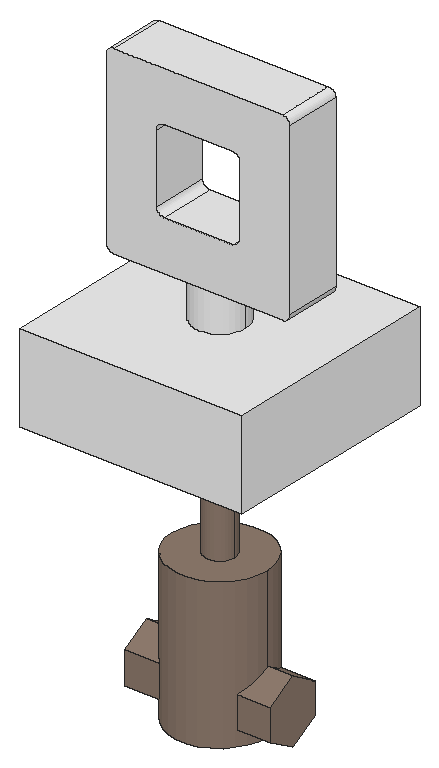
Revit family "4900.C.DOT.PQ444", category Plumbing Fixtures, host Face, Revit 2012
Parameters (values of type "4509.102.CPVC_Cromado CR10/Branco BR16_Base Fácil CPVC 15mm")
  Vendido Separadamente = ""
  Variações de COR = "Cromado 1/2, 3/4 e 1 (4900.C.DOT.PQ); Cromado/Branco 1/2, 3/4 e 1 (4900.C.DOT.BR.PQ). Base Fácil PVC 20mm (4509.102.PVC); Base Fácil PVC 25mm (4509.202.PVC); Base Fácil PPR 20mm (4509.102.PPR); Base Fácil PPR 25mm (4509.202.PPR); Base Fácil CPVC 15mm (4509.102.CPVC); Base Fácil CPVC 22mm (4509.202.CPVC); Base Fácil CPVC 28mm (4509.302.CPVC)"  # constant formula
  URL = "www.deca.com.br/produtos"
  Symbol [instance] = no
  Segmento = "Luxo"  # constant formula
  Raio Ponto de Agua = 7.5 mm
  Produto = "Acabamento para registro de gaveta Dot"  # constant formula
  Pressão = "2 A 40 mca"  # constant formula
  Peso Liquido (Kg) = 0.6
  Norma = "ABNT NBR 10283: 2003"  # constant formula
  Model = Código  # "4900.C.DOT.PQ"
  Material = "Deca_Latão Cromado e Plástico de Engenharia"  # constant formula
  Manufacturer = "Deca"  # constant formula
  Louça/Metais = "Metal"  # constant formula
  Linha = "Dot"  # constant formula
  Informações Complementares = ""
  Flow Pressure = 0.00 psi
  Diâmetro Ponto de Agua = Raio Ponto de Agua * 2  # 15 mm
  Description = "Acabamento para registro de gaveta"  # constant formula
  Default Elevation = 0 mm
  Código = "4900.C.DOT.PQ"  # constant formula
  Criado por = "Contino/quattroD"  # constant formula
  Consumo = "Varia com a pressão"  # constant formula
  CWFU = 0
  Base de Registro de Gaveta - Family = Deca_Shared_Base de Registro de Gaveta_4900.C.DOT.PQ : 4509.102 - DN 15 (1/2")
  Base Registro de Gaveta [instance] = yes
  Atendimento ao Cliente = "0800-0117073"  # constant formula
  Assembly Code = "D2020"
  Aprovado por = "Contino/quattroD"  # constant formula
  Acompanha o Produto = ""
  Acessório = Deca BR16  Branco Metal
  Acabamento de Registro [instance] = yes
  Acabamento = Deca CR10 Cromado Metal
Types (21, lengths in mm): name | Raio Ponto de Agua | Diâmetro Ponto de Agua | Base de Registro de Gaveta - Family | Acessório
  (no name) | 7.5 | 15 | Deca_Shared_Base de Registro de Gaveta_4900.C.DOT.PQ : 4509.102 - DN 15 (1/2") | Deca BR16  Branco Metal
  4900.C.DOT.PQ_Cromado CR10_1/2" | 7.5 | 15 | Deca_Shared_Base de Registro de Gaveta_4900.C.DOT.PQ : 4509.102 - DN 15 (1/2") | Deca CR10 Cromado Metal
  4900.C.DOT.PQ_Cromado CR10_3/4" | 10 | 20 | Deca_Shared_Base de Registro de Gaveta_4900.C.DOT.PQ : 4509.202 - DN 20 (3/4") | Deca CR10 Cromado Metal
  4900.C.DOT.PQ_Cromado CR10_1" | 12.5 | 25 | Deca_Shared_Base de Registro de Gaveta_4900.C.DOT.PQ : 4509.302 - DN 25 (1") | Deca CR10 Cromado Metal
  4900.C.DOT.BR.PQ_Cromado CR10/Branco BR16_1" | 12.5 | 25 | Deca_Shared_Base de Registro de Gaveta_4900.C.DOT.PQ : 4509.302 - DN 25 (1") | Deca BR16  Branco Metal
  4900.C.DOT.BR.PQ_Cromado CR10/Branco BR16_1/2" | 7.5 | 15 | Deca_Shared_Base de Registro de Gaveta_4900.C.DOT.PQ : 4509.102 - DN 15 (1/2") | Deca BR16  Branco Metal
  4900.C.DOT.BR.PQ_Cromado CR10/Branco BR16_3/4" | 10 | 20 | Deca_Shared_Base de Registro de Gaveta_4900.C.DOT.PQ : 4509.202 - DN 20 (3/4") | Deca BR16  Branco Metal
  4509.302.CPVC_Cromado CR10/Branco BR16_Base Fácil CPVC 28mm | 12.5 | 25 | Deca_Shared_Base de Registro de Gaveta_4900.C.DOT.PQ : 4509.302 - DN 25 (1") | Deca BR16  Branco Metal
  4509.202.PPR_Cromado CR10/Branco BR16_Base Fácil PPR 25mm | 12.5 | 25 | Deca_Shared_Base de Registro de Gaveta_4900.C.DOT.PQ : 4509.302 - DN 25 (1") | Deca BR16  Branco Metal
  4509.202.CPVC_Cromado CR10/Branco BR16_Base Fácil CPVC 22mm | 10 | 20 | Deca_Shared_Base de Registro de Gaveta_4900.C.DOT.PQ : 4509.202 - DN 20 (3/4") | Deca BR16  Branco Metal
  4509.102.CPVC_Cromado CR10/Branco BR16_Base Fácil CPVC 15mm | 7.5 | 15 | Deca_Shared_Base de Registro de Gaveta_4900.C.DOT.PQ : 4509.102 - DN 15 (1/2") | Deca BR16  Branco Metal
  4509.102.PPR_Cromado CR10/Branco BR16_Base Fácil PPR 20mm | 10 | 20 | Deca_Shared_Base de Registro de Gaveta_4900.C.DOT.PQ : 4509.202 - DN 20 (3/4") | Deca BR16  Branco Metal
  4509.202.PVC_Cromado CR10/Branco BR16_Base Fácil PVC 25mm | 12.5 | 25 | Deca_Shared_Base de Registro de Gaveta_4900.C.DOT.PQ : 4509.302 - DN 25 (1") | Deca BR16  Branco Metal
  4509.102.PVC_Cromado CR10/Branco BR16_Base Fácil PVC 20mm | 10 | 20 | Deca_Shared_Base de Registro de Gaveta_4900.C.DOT.PQ : 4509.202 - DN 20 (3/4") | Deca BR16  Branco Metal
  4509.302.CPVC_Cromado CR10_Base Fácil CPVC 28mm | 12.5 | 25 | Deca_Shared_Base de Registro de Gaveta_4900.C.DOT.PQ : 4509.302 - DN 25 (1") | Deca CR10 Cromado Metal
  4509.202.CPVC_Cromado CR10_Base Fácil CPVC 22mm | 10 | 20 | Deca_Shared_Base de Registro de Gaveta_4900.C.DOT.PQ : 4509.202 - DN 20 (3/4") | Deca CR10 Cromado Metal
  4509.102.CPVC_Cromado CR10_Base Fácil CPVC 15mm | 7.5 | 15 | Deca_Shared_Base de Registro de Gaveta_4900.C.DOT.PQ : 4509.102 - DN 15 (1/2") | Deca CR10 Cromado Metal
  4509.202.PPR_Cromado CR10_Base Fácil PPR 25mm | 12.5 | 25 | Deca_Shared_Base de Registro de Gaveta_4900.C.DOT.PQ : 4509.302 - DN 25 (1") | Deca CR10 Cromado Metal
  4509.102.PPR_Cromado CR10_Base Fácil PPR 20mm | 10 | 20 | Deca_Shared_Base de Registro de Gaveta_4900.C.DOT.PQ : 4509.202 - DN 20 (3/4") | Deca CR10 Cromado Metal
  4509.202.PVC_Cromado CR10_Base Fácil PVC 25mm | 12.5 | 25 | Deca_Shared_Base de Registro de Gaveta_4900.C.DOT.PQ : 4509.302 - DN 25 (1") | Deca CR10 Cromado Metal
  4509.102.PVC_Cromado CR10_Base Fácil PVC 20mm | 10 | 20 | Deca_Shared_Base de Registro de Gaveta_4900.C.DOT.PQ : 4509.202 - DN 20 (3/4") | Deca CR10 Cromado Metal
Reference planes
  plane 1 "Center (Front/Back)": y = 0
  plane 2: z = 0
  plane 3 "Center (Left/Right)": x = 0
  plane 4 "Left 1": x = -30.209
  plane 5 "Right 1": x = 30.209
  plane 6 "Back 1": y = 30.209
  plane 7 "Front 1": y = -30.209
  plane 8 "Top 1": z = 24
  plane 9 "Top 2": z = 85.164
Forms (mm)
  Extrusion 1, solid, material "Deca CR10 Cromado Metal" <- "Acabamento"
    sketch origin (0, 0, 0) x (1, 0, 0) y (0, 1, 0)
      loop
        line (-30.209, 30.209) -> (-30.209, -30.209) -> (30.209, -30.209) -> (30.209, 30.209) -> (-30.209, 30.209)
    from 0 to 24
  Extrusion 2, solid, material "Deca BR16  Branco Metal" <- "Acessório"
    sketch origin (0, 0, -22.5) x (1, 0, 0) y (0, 0, 1)
      loop
        arc (-22.668, 107.664) -> (-24.082, 107.046) -> (-24.668, 105.632) r 2
        line (-24.668, 105.632) -> (-24.668, 59.632)
        arc (-24.668, 59.632) -> (-24.082, 58.218) -> (-22.668, 57.595) r 2
        line (-22.668, 57.595) -> (23.332, 57.632)
        arc (23.332, 57.632) -> (24.746, 58.218) -> (25.332, 59.632) r 2
        line (25.332, 59.632) -> (25.332, 105.632)
        arc (25.332, 105.632) -> (24.746, 107.046) -> (23.332, 107.664) r 2
        line (23.332, 107.664) -> (-22.668, 107.664)
      loop
        arc (-9.033, 93.997) -> (-10.447, 93.411) -> (-11.033, 91.997) r 2
        line (-11.033, 91.997) -> (-11.033, 73.267)
        arc (-11.033, 73.267) -> (-10.447, 71.853) -> (-9.033, 71.268) r 2
        line (-9.033, 71.268) -> (9.697, 71.268)
        arc (9.697, 71.268) -> (11.111, 71.853) -> (11.697, 73.267) r 2
        line (11.697, 73.267) -> (11.697, 91.997)
        arc (11.697, 91.997) -> (11.111, 93.411) -> (9.697, 93.997) r 2
        line (9.697, 93.997) -> (-9.033, 93.997)
    from -7.75 to 7.75
  Extrusion 3, solid, material "Deca CR10 Cromado Metal" <- "Acabamento"
    sketch origin (0, 0, 0) x (1, 0, 0) y (0, 1, 0)
      loop
        circle (0, 0) r 6.981
    from 24 to 35.095
Lines and regions (mm)
  Masking region 1
    outline origin (0, 0, 0) x (0, 1, 0) y (0, 0, 1)
      loop
        line (7.75, 37.132) -> (7.75, 85.164) -> (-7.75, 85.164) -> (-7.75, 37.132) -> (-7.75, 35.132) -> (-6.749, 35.132) -> (-6.749, 24) -> (-29.586, 24)
        arc (-29.586, 24) -> (-29.938, 23.855) -> (-30.086, 23.504) r 0.5
        line (-30.086, 23.504) -> (-30.291, 0) -> (30.279, 0) -> (30.073, 23.504)
        arc (30.073, 23.504) -> (29.925, 23.855) -> (29.573, 24) r 0.5
        line (29.573, 24) -> (6.749, 24) -> (6.749, 35.132) -> (7.75, 35.132) -> (7.75, 37.132)
  Masking region 2
    outline origin (0, 0, 0) x (1, 0, 0) y (0, 1, 0)
      loop
        line (-30.209, 30.209) -> (-30.209, -30.209) -> (30.209, -30.209) -> (30.209, 30.209) -> (-30.209, 30.209)
  Masking region 3
    outline origin (0, 0, 0) x (1, 0, 0) y (0, 0, 1)
      loop
        arc (-24.668, 37.422) -> (-24.082, 36.008) -> (-22.668, 35.422) r 2
        line (-22.668, 35.422) -> (-6.668, 35.422) -> (-6.668, 24) -> (-29.668, 24) -> (-29.877, 0) -> (30.542, 0) -> (30.332, 24) -> (7.332, 24) -> (7.332, 35.422) -> (23.332, 35.422)
        arc (23.332, 35.422) -> (24.746, 36.008) -> (25.332, 37.422) r 2
        line (25.332, 37.422) -> (25.332, 83.422)
        arc (25.332, 83.422) -> (24.746, 84.836) -> (23.332, 85.422) r 2
        line (23.332, 85.422) -> (-22.668, 85.422)
        arc (-22.668, 85.422) -> (-24.082, 84.836) -> (-24.668, 83.422) r 2
        line (-24.668, 83.422) -> (-24.668, 37.422)
      loop
        arc (-11.033, 69.943) -> (-10.543, 71.254) -> (-9.314, 71.923) r 2
        line (-9.314, 71.923) -> (9.697, 71.787)
        arc (9.697, 71.787) -> (11.111, 71.201) -> (11.697, 69.787) r 2
        line (11.697, 69.787) -> (11.697, 51.057)
        arc (11.697, 51.057) -> (11.111, 49.643) -> (9.697, 49.057) r 2
        line (9.697, 49.057) -> (-9.033, 49.057)
        arc (-9.033, 49.057) -> (-10.447, 49.643) -> (-11.033, 51.057) r 2
        line (-11.033, 51.057) -> (-11.033, 69.787)
  symbolic lines
    curve 1: line (-25, 7.75, 0) -> (25, 7.75, 0)
    curve 2: line (-25, -7.75, 0) -> (-25, 7.75, 0)
    curve 3: line (25, -7.75, 0) -> (-25, -7.75, 0)
    curve 4: line (25, 7.75, 0) -> (25, -7.75, 0)
    curve 5: line (-6.668, 0, 24) -> (7.332, 0, 24)
    curve 6: line (7.332, 0, 35.422) -> (-6.668, 0, 35.422)
    curve 7: line (0, 6.749, 24) -> (0, -6.749, 24)
    curve 8: line (0, -6.749, 35.132) -> (0, 6.749, 35.132)
Dimensions and locks
  plane 8 "Top 1" to host face = 24 mm
  host face to plane 8 "Top 1" = 24 mm
  plane 4 "Left 1" to plane 5 "Right 1" = 60.419 mm  (x2)
  plane 7 "Front 1" to plane 6 "Back 1" = 60.419 mm  (x2)
  plane 9 "Top 2" to plane 8 "Top 1" = 61.164 mm  (x2)
  plane 9 "Top 2" to plane 2 = 85.164 mm  (x2)
  aligned and locked: host face to plane 2
  aligned and locked: level to host face
Nested families
  nested 1: "Deca_Shared_Base de Registro de Gaveta_4900.C.DOT.PQ" at (-0.3, 0, -65), type <- "Base de Registro de Gaveta - Family", type "4509.102 - DN 15 (1/2")"
    with built-in parameter 1114242 1, Symbol yes
Connectors
  piping at (20, 0, -65), driven by "Raio Ponto de Agua", driven by "Flow Pressure"
    settings: on nested 1, index 1, connector radius 0.29528", flow factor 0, pipe flow 0 GPM, pressure drop 0.00 psi, fitting loss kfactor 0, connector angle 0.00°, fixture units 0, engagement length 0 mm, flow configuration 3, flow direction 0, fitting loss method 4, system type 29, joint type 0, gender type 0, connector reference index -1, connector utility 0, adjustable connector no, is connector primary yes, fitting loss table "", connector description ""
  piping at (-20, 0, -65), driven by "Raio Ponto de Agua", driven by "Flow Pressure"
    settings: on nested 1, index 2, connector radius 0.29528", flow factor 0, pipe flow 0 GPM, pressure drop 0.00 psi, fitting loss kfactor 0, connector angle 0.00°, fixture units 0, engagement length 0 mm, flow configuration 3, flow direction 0, fitting loss method 4, system type 29, joint type 0, gender type 0, connector reference index -1, connector utility 0, adjustable connector no, is connector primary no, fitting loss table "", connector description ""
Definition of nested family "Deca_Shared_Base de Registro de Gaveta_4900.C.DOT.PQ"
  Parameters (values of type "4509.102 - DN 15 (1/2")")
    Vendido Separadamente = "Não Aplicável"  # constant formula
    Variações de COR = "1/2'' a 1''1/4"  # constant formula
    built-in parameter 1114242 [instance] = 1
    Topo = Deca BR13 Bronze Bruto Metal
    Segmento = "Básicos"  # constant formula
    Symbol [instance] = yes
    Raio Ponto de Agua = 6.4 mm
    Radius Side = DN / 2  # 7.5 mm
    Produto = "Base de registro de gaveta 1/2\""
    Peso Liquido (Kg) = 0.294
    Norma = "NBR 15705"  # constant formula
    Mín = 32 mm
    Max = 42 mm
    Material = "Bronze Fundido e Plásticos de Engenharia"  # constant formula
    Louça/Metais = "Metais"  # constant formula
    Linha = "-"  # constant formula
    K Coefficient = 0
    Informações Complementares = "Alta durabilidade e resistência; Passagem plena."  # constant formula
    Flow Pressure = 0.00 psi
    Fabricante = "Deca"  # constant formula
    Diâmetro Ponto de Agua = Raio Ponto de Agua * 2  # 12.8 mm
    Descrição = "Base de registro de gaveta"  # constant formula
    DN = 15 mm
    Código = "4509.102"
    Criador por = "Contino/quattroD"  # constant formula
    Corpo = Deca BR13 Bronze Bruto Metal
    URL = "www.deca.com.br"
    Model = Código  # "4509.102"
    Manufacturer = Fabricante  # "Deca"
    Description = Descrição  # "Base de registro de gaveta"
    B = 96 mm
    Atendimento ao Cliente = "0800-0117073"  # constant formula
    Assembly Code = ""
    Aprovado por = "Contino/quattroD"  # constant formula
    Acompanha o Produto = "Não Aplicável"  # constant formula
    A = 40 mm
  Types (5, lengths in mm): name | Raio Ponto de Agua | Radius Side | Produto | Peso Liquido (Kg) | Mín | Max | Diâmetro Ponto de Agua | DN | Código | Model | B | A
    4509.102 - DN 15 (1/2") | 6.4 | 7.5 | "Base de registro de gaveta 1/2\"" | 0.294 | 32 | 42 | 12.8 | 15 | "4509.102" | "4509.102" | 96 | 40
    4509.202 - DN 20 (3/4") | 9.5 | 10 | "Base de registro de gaveta 3/4\"" | 0.408 | 36 | 46 | 19 | 20 | "4509.202" | "4509.202" | 100 | 52
    4509.302 - DN 25 (1") | 12.3 | 12.5 | "Base de registro de gaveta 1\"" | 0.53 | 49 | 59 | 24.6 | 25 | "4509.302" | "4509.302" | 114 | 52
    4509.502 - DN 40 (1 1/2") | 19.1 | 20 | "Base de registro de gaveta 1.1/2\"" | 0.833 | 62 | 52 | 38.2 | 40 | "4509.502" | "4509.502" | 139 | 60
    4509.402 - DN 32 (1 1/4") | 15.9 | 16 | "Base de registro de gaveta 1.1/4\"" | 0.834 | 48 | 58 | 31.8 | 32 | "4509.402" | "4509.402" | 135 | 60
  Reference planes
    plane 1 "Center (Front/Back)": y = 0
    plane 2: z = 0
    plane 3 "Center (Left/Right)": x = 0.3
    plane 4 "Left 2": x = -19.7
    plane 5: through (11.528, 0, 0) normal (0, 0.5, -0.866)
    plane 6: through (11.528, 30.068, 26.02) normal (0, -0.5, 0.866)
    plane 7: through (11.528, 0, 0) normal (0, 0.5, 0.866)
    plane 8: through (11.528, 13.865, 0.655) normal (0, 0.5, 0.866)
    plane 9: through (11.528, 0, 0) normal (0, -0.5, -0.866)
    plane 10: through (11.528, 30.068, -26.02) normal (0, 0.5, 0.866)
    plane 11: through (11.528, 0, 0) normal (0, -0.5, 0.866)
    plane 12: through (11.528, 13.865, -0.655) normal (0, -0.5, 0.866)
    plane 13 "Right 2": x = 20.3
    plane 14 "Top 1": z = 32
    plane 15 "Right 1": x = 13.3
    plane 16 "Left 1": x = -12.7
    plane 17 "Top 2": z = 96
  Forms (mm)
    Extrusion 1, solid, material "Deca BR13 Bronze Bruto Metal" <- "Corpo"
      sketch origin (0, 134.427, 73.647) x (0, 1, 0) y (0, 0, 1)
        loop
          line (-126.927, -69.317) -> (-134.427, -64.987) -> (-141.927, -69.317) -> (-141.927, -77.977) -> (-134.427, -82.307) -> (-126.927, -77.977) -> (-126.927, -69.317)
      from -19.7 to 20.3
    Extrusion 2, solid, material "Deca BR13 Bronze Bruto Metal" <- "Corpo"
      sketch origin (0, 0, 0) x (1, 0, 0) y (0, 1, 0)
        loop
          circle (0.3, 0) r 13
      from -8.66 to 32
    Extrusion 3, solid, material "Deca BR13 Bronze Bruto Metal" <- "Topo"
      sketch origin (0, 0, 0) x (1, 0, 0) y (0, 1, 0)
        loop
          circle (0.3, 0) r 4
      from 32 to 96
  Dimensions and locks
    "Radius Side": plane 6 to plane 5
    "Radius Side": plane 8 to plane 7
    "Radius Side": plane 10 to plane 9
    "Radius Side": plane 12 to plane 11
    "A": plane 4 "Left 2" to plane 13 "Right 2"
    equal spacing: plane 13 "Right 2", plane 3 "Center (Left/Right)", plane 4 "Left 2"
    "Mín": plane 14 "Top 1" to level
    locked: plane 13 "Right 2" to plane 15 "Right 1" at 7
    equal spacing: plane 16 "Left 1", plane 3 "Center (Left/Right)", plane 15 "Right 1"
    plane 4 "Left 2" to plane 13 "Right 2" = 40 mm
    "B": plane 17 "Top 2" to level
    aligned and locked: plane 4 "Left 2" to Extrusion 1
    aligned and locked: plane 13 "Right 2" to Extrusion 1
    aligned and locked: Extrusion 1 to Extrusion 2
    aligned and locked: plane 15 "Right 1" to Extrusion 2 sketch curve
    aligned and locked: plane 14 "Top 1" to Extrusion 2
    aligned and locked: Extrusion 3 to plane 14 "Top 1"
    aligned and locked: plane 17 "Top 2" to Extrusion 3
  Automatic sketch dimensions
    Extrusion 1 sketch curve to plane 5 = 0 mm
    plane 10 to Extrusion 1 sketch curve = 0 mm  (x2)
    Extrusion 1 sketch curve to plane 1 "Center (Front/Back)" = 0 mm  (x2)
    plane 7 to Extrusion 1 sketch curve = 0 mm
    plane 12 to Extrusion 1 sketch curve = 0 mm
    plane 5 to Extrusion 1 sketch curve = 0 mm
    Extrusion 1 sketch curve to plane 6 = 0 mm  (x2)
    plane 1 "Center (Front/Back)" to Extrusion 2 sketch curve = 0 mm
    Extrusion 2 sketch curve to plane 3 "Center (Left/Right)" = 0 mm
    plane 1 "Center (Front/Back)" to Extrusion 3 sketch curve = 0 mm
    Extrusion 3 sketch curve to plane 3 "Center (Left/Right)" = 0 mm
    radius of Extrusion 3 sketch curve = 4 mm
  Nested families
    nested 1: "Symbol" at (0.3, 0, 0), visible <- "Symbol", type "Symbol"
  Connectors
    piping at (20.3, 0, 0), driven by "Raio Ponto de Agua", driven by "Flow Pressure"
      settings: on Extrusion 1, index 3, connector radius 0.25197", flow factor 0, pipe flow 0 GPM, pressure drop 0.00 psi, fitting loss kfactor 0, connector angle 0.00°, fixture units 0, engagement length 0 mm, flow configuration 0, flow direction 0, fitting loss method 4, system type 29, joint type 0, gender type 0, connector reference index -1, connector utility 0, adjustable connector no, is connector primary yes, fitting loss table "", connector description ""
    piping at (-19.7, 0, 0), driven by "Raio Ponto de Agua"
      settings: on Extrusion 1, index 4, connector radius 0.25197", flow factor 0, pipe flow 0 GPM, pressure drop 0.00 psi, fitting loss kfactor 0, connector angle 0.00°, fixture units 0, engagement length 0 mm, flow configuration 0, flow direction 0, fitting loss method 4, system type 29, joint type 0, gender type 0, connector reference index -1, connector utility 0, adjustable connector no, is connector primary no, fitting loss table "", connector description ""
  Definition of nested family "Symbol"
    Reference planes
      plane 1: y = 0
      plane 2: x = 0
    Lines and regions (mm)
      detail lines, style "Centerline"
        curve 1: line (0, 1.651, 0) -> (0, -3.349, 0)
        curve 2: line (0, -3.349, 0) -> (-2.5, -3.349, 0)
        curve 3: circle (0, 0, 0) r 1.651 normal (0, 0, 1)
      detail lines
        curve 4: line (2.5, 1.651, 0) -> (2.5, -1.651, 0)
        curve 5: line (-2.5, 1.651, 0) -> (-2.5, -1.651, 0)
